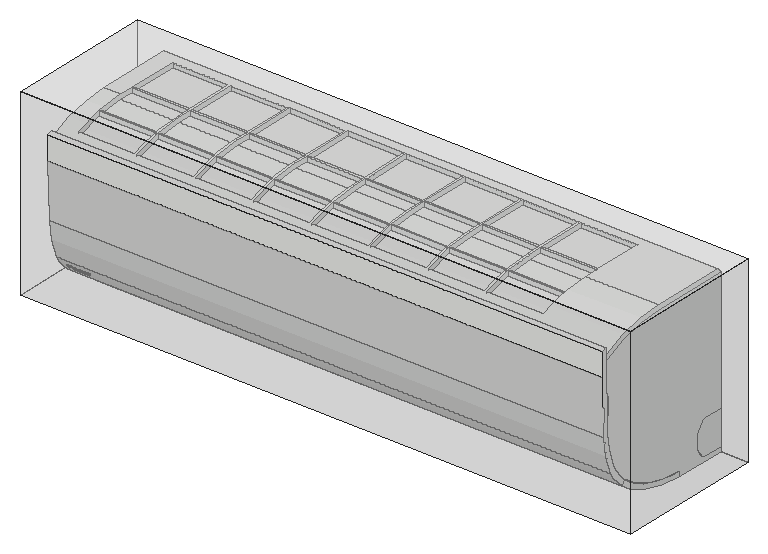
Revit family "outputfile", category 機械設備, Revit 2024
Family settings
  丸型コネクタ寸法 = 半径を使用
  パーツ タイプ = 標準
  OmniClass 番号 = 23.75.10.24.21.27.27
  OmniClass タイトル = Split System Air Conditioning Units
  作業面ベース = いいえ
  常に垂直 = はい
  ロード時にボイドで切り取り = いいえ
  注釈の向きを維持 = いいえ
  共有 = いいえ
  部屋計算ポイント = いいえ
Parameters (values of type "CTKM71RVMV")
  Description = ""
  書き出し IFC クラス(タイプ) = "IfcUnitaryEquipmentType"
  定義済み IFC タイプ(タイプ) = "AIRCONDITIONINGUNIT"
  Cost = 0
  Type Comments = ""
  Keynote = ""
  Type Image = (empty or 0)
  Assembly Code = ""
  w_wall hole = if(Width = 770.0 mm, 48.0 mm, 60.0 mm)  # 60.0 mm
  製造元 = "Daikin"
  モデル = "CTKM71RVMV"
  switch_frequency = yes
  r_Liquid Pipe Size = Liquid Pipe Size / 2  # 3.2 mm
  r_Gas Pipe Size = Gas Pipe Size / 2  # 7.95 mm
  r_Drain Pipe Size = Drain Pipe Size / 2  # 8.0 mm
  lw_powersupply [instance] = if(Width = 770.0 mm, if(or(Rear Right Connection_refrigerant, Bottom Right Connection_refrigerant), 25.0 mm, if(or(Rear Left Connection_refrigerant, Bottom Left Connection_refrigerant), 745.0 mm, 400.0 mm)), if(Width = 990.0 mm, if(or(Rear Right Connection_refrigerant, Bottom Right Connection_refrigerant), 40.0 mm, if(or(Rear Left Connection_refrigerant, Bottom Left Connection_refrigerant), 920.0 mm, 400.0 mm)), if(or(Rear Right Connection_refrigerant, Bottom Right Connection_refrigerant), 40.0 mm, if(or(Rear Left Connection_refrigerant, Bottom Left Connection_refrigerant), 920.0 mm, 400.0 mm))))  # 400.0 mm
  lw_liquidpipe [instance] = if(Width = 770.0 mm, if(or(Rear Right Connection_refrigerant, Bottom Right Connection_refrigerant), 0.0 mm, if(or(Rear Left Connection_refrigerant, Bottom Left Connection_refrigerant), 664.0 mm, 385.0 mm)), if(Width = 990.0 mm, if(or(Rear Right Connection_refrigerant, Bottom Right Connection_refrigerant), 0.0 mm, if(or(Rear Left Connection_refrigerant, Bottom Left Connection_refrigerant), 664.0 mm + (990.0 mm - 770.0 mm), 475.0 mm)), if(or(Rear Right Connection_refrigerant, Bottom Right Connection_refrigerant), 0.0 mm, if(or(Rear Left Connection_refrigerant, Bottom Left Connection_refrigerant), 664.0 mm + (990.0 mm - 770.0 mm), 475.0 mm))))  # 475.0 mm
  lw_gaspipe [instance] = if(Width = 770.0 mm, if(or(Rear Right Connection_refrigerant, Bottom Right Connection_refrigerant), 0.0 mm, if(or(Rear Left Connection_refrigerant, Bottom Left Connection_refrigerant), 675.0 mm, if(Gas Pipe Size = 12.7 mm, 345.0 mm, 335.0 mm))), if(Width = 990.0 mm, if(or(Rear Right Connection_refrigerant, Bottom Right Connection_refrigerant), 10.0 mm, if(or(Rear Left Connection_refrigerant, Bottom Left Connection_refrigerant), 890.0 mm, if(Gas Pipe Size = 15.9 mm, 410.0 mm, 400.0 mm))), if(or(Rear Right Connection_refrigerant, Bottom Right Connection_refrigerant), 10.0 mm, if(or(Rear Left Connection_refrigerant, Bottom Left Connection_refrigerant), 890.0 mm, if(Gas Pipe Size = 15.9 mm, 410.0 mm, 400.0 mm)))))  # 410.0 mm
  lw_drainpipe [instance] = if(Width = 770.0 mm, if(or(Rear Right Connection_refrigerant, Bottom Right Connection_refrigerant), 0.0 mm, if(or(Rear Left Connection_refrigerant, Bottom Left Connection_refrigerant), 770.0 mm - 48.0 mm - 48.0 mm, 440.0 mm)), if(Width = 990.0 mm, if(or(Rear Right Connection_refrigerant, Bottom Right Connection_refrigerant), 0.0 mm, if(or(Rear Left Connection_refrigerant, Bottom Left Connection_refrigerant), 675.0 mm + (990.0 mm - 770.0 mm), 435.0 mm)), if(or(Rear Right Connection_refrigerant, Bottom Right Connection_refrigerant), 0.0 mm, if(or(Rear Left Connection_refrigerant, Bottom Left Connection_refrigerant), 675.0 mm + (990.0 mm - 770.0 mm), 435.0 mm))))  # 435.0 mm
  l_powersupply_length [instance] = if(Width = 770.0 mm, if(Right Connection_refrigerant, 400.0 mm, if(Left Connection_refrigerant, 770.0 mm - 400.0 mm, if(or(Rear Left Connection_refrigerant, Rear Right Connection_refrigerant), 15.0 mm, 50.0 mm))), if(Width = 990.0 mm, if(Right Connection_refrigerant, 400.0 mm, if(Left Connection_refrigerant, 990.0 mm - 400.0 mm, if(or(Rear Left Connection_refrigerant, Rear Right Connection_refrigerant), 15.0 mm, 50.0 mm))), if(Right Connection_refrigerant, 400.0 mm, if(Left Connection_refrigerant, 990.0 mm - 400.0 mm, if(or(Rear Left Connection_refrigerant, Rear Right Connection_refrigerant), 15.0 mm, 50.0 mm)))))  # 400.0 mm
  l_liquidpipe_length [instance] = if(Width = 770.0 mm, if(Right Connection_refrigerant, 433.0 mm, if(Left Connection_refrigerant, 337.0 mm, if(or(Rear Left Connection_refrigerant, Rear Right Connection_refrigerant), 30.0 mm, 40.0 mm))), if(Width = 990.0 mm, if(Right Connection_refrigerant, 535.0 mm, if(Left Connection_refrigerant, 455.0 mm, if(or(Rear Left Connection_refrigerant, Rear Right Connection_refrigerant), 30.0 mm, 40.0 mm))), if(Right Connection_refrigerant, 535.0 mm, if(Left Connection_refrigerant, 455.0 mm, if(or(Rear Left Connection_refrigerant, Rear Right Connection_refrigerant), 30.0 mm, 40.0 mm)))))  # 535.0 mm
  l_gaspipe_length [instance] = if(Width = 770.0 mm, if(Right Connection_refrigerant, if(Gas Pipe Size = 12.7 mm, 393.0 mm, 383.0 mm), if(Left Connection_refrigerant, if(Gas Pipe Size = 12.7 mm, 770.0 mm - 393.0 mm, 770.0 mm - 383.0 mm), if(or(Rear Left Connection_refrigerant, Rear Right Connection_refrigerant), 40.0 mm, 50.0 mm))), if(Width = 990.0 mm, if(Right Connection_refrigerant, if(Gas Pipe Size = 15.9 mm, 470.0 mm, 460.0 mm), if(Left Connection_refrigerant, if(Gas Pipe Size = 15.9 mm, 990.0 mm - 470.0 mm, 990.0 mm - 460.0 mm), if(or(Rear Left Connection_refrigerant, Rear Right Connection_refrigerant), 40.0 mm, 50.0 mm))), if(Right Connection_refrigerant, if(Gas Pipe Size = 15.9 mm, 470.0 mm, 460.0 mm), if(Left Connection_refrigerant, if(Gas Pipe Size = 15.9 mm, 990.0 mm - 470.0 mm, 990.0 mm - 460.0 mm), if(or(Rear Left Connection_refrigerant, Rear Right Connection_refrigerant), 40.0 mm, 50.0 mm)))))  # 470.0 mm
  l_drainpipe_length [instance] = if(Width = 770.0 mm, if(Right Connection_refrigerant, 488.0 mm, if(Left Connection_refrigerant, 282.0 mm, if(or(Rear Left Connection_refrigerant, Rear Right Connection_refrigerant), 15.0 mm, 20.0 mm))), if(Width = 990.0 mm, if(Right Connection_refrigerant, 495.0 mm, if(Left Connection_refrigerant, 495.0 mm, if(or(Rear Left Connection_refrigerant, Rear Right Connection_refrigerant), 15.0 mm, 20.0 mm))), if(Right Connection_refrigerant, 495.0 mm, if(Left Connection_refrigerant, 495.0 mm, if(or(Rear Left Connection_refrigerant, Rear Right Connection_refrigerant), 15.0 mm, 20.0 mm)))))  # 495.0 mm
  h*** = 0.0 mm  # constant formula
  connector_voltage = Voltage_50Hz  # 230 V
  connector_powerinput = [Power Input (Cooling)]  # 0.000 kW
  connector_phase = Phase_50Hz  # 1
  angle_vertical [instance] = if(or(Bottom Left Connection_refrigerant, Bottom Right Connection_refrigerant), 0.00°, 90.00°)  # 90.00°
  angle_horizontal [instance] = if(Right Connection_refrigerant, 90.00°, if(Left Connection_refrigerant, -90.00°, if(or(Rear Left Connection_refrigerant, Rear Right Connection_refrigerant), 180.00°, 0.00°)))  # 90.00°
  Width = 990.0 mm
  Voltage_comment_50Hz = "220 - 240"
  Voltage_50Hz = 230 V
  Version = "ver.1.0"
  Unit Type = "Wall Mounted"
  Unit Mass Weight = 13.00 kg
  Unit Designation [instance] = ""
  Uniclass2015Version = "Products v1.30"
  Uniclass2015Title = "Split coil room air conditioning units"
  Uniclass2015Code = "Pr_70_65_03_86"
  URL = ""
  Total Cooling Capacity [instance] = 0.000 kW
  Sound Pressure Level_M speed (dBA) = 45
  Sound Pressure Level_L speed (dBA) = 37
  Sound Pressure Level_H speed (dBA) = 49
  Sound Power Level_H speed (dB) = 0
  Series = "Multi Split_Fan Coil Unit"
  Sensible Cooling Capacity [instance] = 0.000 kW
  Refrigerant Type = "R32"
  Power Input (Cooling) = 0.000 kW
  Phase_50Hz = 1
  Option Accessory 3 [instance] = ""
  Option Accessory 2 [instance] = ""
  Option Accessory 1 [instance] = ""
  Nominal Cooling Capacity = 7.100 kW
  Minimum Circuit Amps_50Hz = 0.0 A
  Minimum Airflow = 798.00 m³/h
  Median Airflow = 1010.00 m³/h
  Maximum Fuse Amps_50Hz = 0.0 A
  Maximum Airflow = 1200.00 m³/h
  Material_Casing = DAIKIN_White_Casing_indoorunit
  Load Classification = HVAC
  Liquid Pipe Size = 6.4 mm
  Link_Nested Family [instance] = ""
  IfcVersion = ""
  IfcExportType = "AIRCONDITIONINGUNIT"
  IfcExportAs = "IfcUnitaryEquipmentType"
  Height = 295.0 mm
  Heat Exchanger Type = "Cross Fin Coil"
  Gas Pipe Size = 15.9 mm
  Frequency_50Hz = 50 Hz
  Fan Type = "Cross Flow Fan"
  Fan Drive = "Direct Drive"
  FCU Tag No. [instance] = ""
  Drain Pipe Size = 16.0 mm
  Design Supply Airflow [instance] = 0.00 m³/h
  Depth = 263.0 mm
  既定の高さ = 0.0 mm
  Cooling Entering Wet Bulb Temperature [instance] = 0.00 °C
  Cooling Entering Dry Bulb Temperature [instance] = 0.00 °C
  Cooling Ambient Wet Bulb Temperature [instance] = 0.00 °C
  Cooling Ambient Dry Bulb Temperature [instance] = 0.00 °C
  Clearance visibility [instance] = yes
  Clearance Top = 30.0 mm
  Clearance Right = 50.0 mm
  Clearance Rear = 0.0 mm
  Clearance Left = 50.0 mm
  Clearance Front = 0.0 mm
  Clearance Bottom = 0.0 mm
  Bottom Right Connection_refrigerant [instance] = no
  Bottom Left Connection_refrigerant [instance] = no
  Rear Right Connection_refrigerant [instance] = no
  Rear Left Connection_refrigerant [instance] = no
  Right Connection_refrigerant [instance] = yes
  Left Connection_refrigerant [instance] = no
Reference planes
  plane 1 "Back": y = 0
  plane 2: z = 0
  plane 3 "Center (Left/Right)": x = 0
  plane 4 "Center (Front/Back)": y = -131.5
  plane 5 "Front": y = -263
  plane 6 "Left": x = -495
  plane 7 "Right": x = 495
  plane 8 "Top": z = 0
  plane 9 "Bottom": z = -295
  plane 10: x = -545
  plane 11: x = 545
  plane 12: y = 0
  plane 13: y = -263
  plane 14: z = 30
  plane 15: z = -295
  plane 16 "lw_Piping and Wiring intake": x = 435
  plane 17 "lw_gaspipe": x = 25
  plane 18 "lw_liquidpipe": x = -40
  plane 19 "lw_drainpipe": x = 0
  plane 20 "lh_drainpipe": z = -275
  plane 21 "lh_liquidpipe": z = -255
  plane 22 "lh_gaspipe": z = -245
  plane 23 "ld_drainpipe": y = -15
  plane 24 "ld_liquidpipe": y = -30
  plane 25 "ld_gaspipe": y = -40
  plane 26 "lw_powersupply": x = 95
Dimensions and locks
  equal spacing: plane 6 "Left", plane 3 "Center (Left/Right)", plane 7 "Right"
  "Width": plane 6 "Left" to plane 7 "Right"
  equal spacing: plane 5 "Front", plane 4 "Center (Front/Back)", plane 1 "Back"
  "Depth": plane 5 "Front" to plane 1 "Back"
  "Height": plane 8 "Top" to plane 9 "Bottom"
  "Clearance Rear": plane 12 to plane 1 "Back"
  "Clearance Front": plane 13 to plane 5 "Front"
  "Clearance Top": plane 14 to plane 8 "Top"
  "Clearance Bottom": plane 9 "Bottom" to plane 15
  "w_wall hole": plane 16 "lw_Piping and Wiring intake" to plane 7 "Right"
  "lw_gaspipe": plane 17 "lw_gaspipe" to plane 16 "lw_Piping and Wiring intake"
  "lw_liquidpipe": plane 18 "lw_liquidpipe" to plane 16 "lw_Piping and Wiring intake"
  "lw_drainpipe": plane 19 "lw_drainpipe" to plane 16 "lw_Piping and Wiring intake"
  locked: plane 20 "lh_drainpipe" to plane 9 "Bottom" at 20
  locked: plane 21 "lh_liquidpipe" to plane 9 "Bottom" at 40
  locked: plane 22 "lh_gaspipe" to plane 9 "Bottom" at 50
  locked: plane 23 "ld_drainpipe" to plane 1 "Back" at 15
  locked: plane 1 "Back" to plane 24 "ld_liquidpipe" at 30
  locked: plane 1 "Back" to plane 25 "ld_gaspipe" at 40
  "lw_powersupply": plane 26 "lw_powersupply" to plane 7 "Right"
  "Clearance Left": plane 10 to plane 6 "Left"
  "Clearance Right": plane 7 "Right" to plane 11
  aligned and locked: level to plane 2
  aligned and locked: plane 12 to nested 1
  aligned and locked: nested 1 to plane 13
  aligned and locked: plane 10 to nested 1
  aligned and locked: plane 11 to nested 1
  aligned and locked: plane 15 to nested 1
  aligned and locked: plane 14 to nested 1
  aligned and locked: plane 17 "lw_gaspipe" to nested 2
  aligned and locked: nested 2 to plane 25 "ld_gaspipe"
  aligned and locked: plane 18 "lw_liquidpipe" to nested 3
  aligned and locked: nested 3 to plane 24 "ld_liquidpipe"
  aligned and locked: plane 19 "lw_drainpipe" to nested 4
  aligned and locked: nested 4 to plane 23 "ld_drainpipe"
  aligned and locked: nested 5 to plane 23 "ld_drainpipe"
  aligned and locked: plane 26 "lw_powersupply" to nested 5
  aligned and locked: level to plane 8 "Top"
  aligned and locked: plane 3 "Center (Left/Right)" to nested 6
  aligned and locked: plane 1 "Back" to nested 6
  aligned and locked: plane 8 "Top" to nested 6
Nested families
  nested 1: "daikin_clearancespace" at (0, -131.5, -132.381), show <- "Clearance visibility", visible <- "Clearance visibility", Link_Nested Family <- "Link_Nested Family", type "daikin_clearancespace"
    with width 1090.0 mm, show yes, height 325.0 mm, depth 263.0 mm, Link_Nested Family ""
  nested 2: "daikin_connector_rotate3" at (25, -40, -245), angle_vertical <- "angle_vertical", angle_horizontal <- "angle_horizontal", length <- "l_gaspipe_length", radius <- "r_Gas Pipe Size", type "daikin_connector_rotate3"
    with show no, radius 7.95 mm, length 470.0 mm, angle_vertical 90.00°, angle_horizontal 90.00°
  nested 3: "daikin_connector_rotate3" at (-40, -30, -255), angle_vertical <- "angle_vertical", angle_horizontal <- "angle_horizontal", radius <- "r_Liquid Pipe Size", length <- "l_liquidpipe_length", type "daikin_connector_rotate3"
    with show no, radius 3.2 mm, length 535.0 mm, angle_vertical 90.00°, angle_horizontal 90.00°
  nested 4: "daikin_connector_rotate3" at (0, -15, -275), angle_vertical <- "angle_vertical", angle_horizontal <- "angle_horizontal", length <- "l_drainpipe_length", radius <- "r_Drain Pipe Size", type "daikin_connector_rotate3"
    with show no, radius 8.0 mm, length 495.0 mm, angle_vertical 90.00°, angle_horizontal 90.00°
  nested 5: "daikin_connector_rotate3" at (95, -15, -245), angle_vertical <- "angle_vertical", angle_horizontal <- "angle_horizontal", length <- "l_powersupply_length", type "daikin_connector_rotate3"
    with show no, radius 10.0 mm, length 400.0 mm, angle_vertical 90.00°, angle_horizontal 90.00°
  nested 6: "DAIKIN_indoorunit_CTKM-RVMV" at (-31, 0, 0), type "CTKM-RVMV"
    with switch_unit1_50-71 yes, switch_unit1_25-35 no, Width 990.0 mm, WALL HOLE-R 60.0 mm, WALL HOLE Size 80.0 mm, Height 295.0 mm
Connectors
  piping at (495, -40, -245), diameter 15.9, driven by "r_Gas Pipe Size"
    settings: on nested 2, index 1, connector inside diameter 609.6 mm, connector length 0.0 mm, flow factor 0, pipe flow 0.00 m³/h, pressure drop 0.0 Pa, fitting loss kfactor 0, connector angle 0.00°, fixture units 0, engagement length 0.0 mm, angle of deflection 0.00°, flow configuration 1, flow direction 2, fitting loss method 0, system type 29, joint type 0, gender type 0, connector reference index -1, connector utility 0, adjustable connector no, is connector primary yes, connector description "Refrigerant Gas Piping"
  piping at (495, -30, -255), diameter 6.4, driven by "r_Liquid Pipe Size"
    settings: on nested 3, index 2, connector inside diameter 609.6 mm, connector length 0.0 mm, flow factor 0, pipe flow 0.00 m³/h, pressure drop 0.0 Pa, fitting loss kfactor 0, connector angle 0.00°, fixture units 0, engagement length 0.0 mm, angle of deflection 0.00°, flow configuration 1, flow direction 1, fitting loss method 0, system type 29, joint type 0, gender type 0, connector reference index -1, connector utility 0, adjustable connector no, is connector primary no, connector description "Refrigerant Liquid Piping"
  piping at (495, -15, -275), diameter 16, driven by "r_Drain Pipe Size"
    settings: on nested 4, index 3, connector inside diameter 609.6 mm, connector length 0.0 mm, flow factor 0, pipe flow 0.00 m³/h, pressure drop 0.0 Pa, fitting loss kfactor 0, connector angle 0.00°, fixture units 0, engagement length 0.0 mm, angle of deflection 0.00°, flow configuration 1, flow direction 2, fitting loss method 4, system type 16, joint type 0, gender type 0, connector reference index -1, connector utility 0, adjustable connector no, is connector primary no, connector description "Condensate Drain Piping"
  electrical at (495, -15, -245), driven by "Load Classification", driven by "connector_phase", driven by "connector_powerinput", driven by "connector_voltage"
    settings: on nested 5, index 4, voltage 230 V, apparent load 0 VA, apparent load phase1 0 VA, apparent load phase2 0 VA, apparent load phase3 0 VA, power factor 1, load classification "HVAC", number of poles 1, system type 30, power factor state 1, is connector primary yes, connector utility no, sub classification motor no, connector description "Power Supply"
Definition of nested family "daikin_clearancespace"
  Parameters (values of type "daikin_clearancespace")
    Description = "daikin_clearancespace"
    width [instance] = 1823.963 mm
    show [instance] = yes
    material = none
    height [instance] = 1359.762 mm
    depth [instance] = 880.0 mm
    Default Elevation = 0.0 mm
    Link_Nested Family [instance] = ""
  Reference planes
    plane 1 "Center (Front/Back)": y = 0
    plane 2 "Center (Elevation)": z = -0.119
    plane 3 "Center (Left/Right)": x = 0
    plane 4: y = 440
    plane 5: y = -440
    plane 6 "Right": x = 911.982
    plane 7 "Left": x = -911.982
    plane 8 "Top": z = 679.762
    plane 9 "Bottom": z = -680
  Forms (mm)
    Extrusion 1, solid, material <- "material", visible <- "show"
      sketch origin (0, 0, 0) x (1, 0, 0) y (0, 1, 0)
        loop
          line (-911.982, 440) -> (-911.982, -440) -> (911.982, -440) -> (911.982, 440) -> (-911.982, 440)
      from -680 to 679.762
  Lines and regions (mm)
    symbolic lines, visible <- "show"
      curve 1: line (911.982, 440, 0) -> (-911.982, 440, 0)
      curve 2: line (-911.982, 440, 0) -> (-911.982, -440, 0)
      curve 3: line (-911.982, -440, 0) -> (911.982, -440, 0)
      curve 4: line (911.982, -440, 0) -> (911.982, 440, 0)
      curve 5: line (911.982, 0, 679.762) -> (-911.982, 0, 679.762)
      curve 6: line (911.982, 0, -680) -> (911.982, 0, 679.762)
      curve 7: line (-911.982, 0, -680) -> (911.982, 0, -680)
      curve 8: line (-911.982, 0, 679.762) -> (-911.982, 0, -680)
      curve 9: line (0, 440, 679.762) -> (0, -440, 679.762)
      curve 10: line (0, -440, 679.762) -> (0, -440, -680)
      curve 11: line (0, 440, -680) -> (0, 440, 679.762)
      curve 12: line (0, -440, -680) -> (0, 440, -680)
  Dimensions and locks
    "width": plane 7 "Left" to plane 6 "Right"
    "depth": plane 4 to plane 5
    "height": plane 8 "Top" to plane 9 "Bottom"
    equal spacing: plane 7 "Left", plane 3 "Center (Left/Right)", plane 6 "Right"
    equal spacing: plane 4, plane 1 "Center (Front/Back)", plane 5
    equal spacing: plane 8 "Top", plane 2 "Center (Elevation)", plane 9 "Bottom"
    aligned and locked: level to plane 2 "Center (Elevation)"
    aligned and locked: Extrusion 1 sketch curve to plane 4
    aligned and locked: plane 7 "Left" to Extrusion 1 sketch curve
    aligned and locked: Extrusion 1 sketch curve to plane 5
    aligned and locked: Extrusion 1 sketch curve to plane 6 "Right"
    aligned and locked: plane 8 "Top" to Extrusion 1
    aligned and locked: curve 1 to Extrusion 1
    aligned and locked: curve 2 to Extrusion 1
    aligned and locked: curve 3 to Extrusion 1
    aligned and locked: curve 4 to Extrusion 1
    aligned and locked: curve 5 to Extrusion 1
    aligned and locked: curve 6 to Extrusion 1
    aligned and locked: curve 7 to Extrusion 1
    aligned and locked: curve 8 to Extrusion 1
    aligned and locked: curve 9 to Extrusion 1
    aligned and locked: curve 10 to Extrusion 1
    aligned and locked: curve 11 to Extrusion 1
    aligned and locked: curve 12 to Extrusion 1
    aligned and locked: Extrusion 1 to plane 9 "Bottom"
Definition of nested family "DAIKIN_indoorunit_CTKM-RVMV"
  Parameters (values of type "CTKM-RVMV")
    switch_unit1_50-71 = Width = 990.0 mm  # no
    switch_unit1_25-35 = Width = 770.0 mm  # yes
    Width = 770.0 mm
    WALL HOLE-R = if(Width = 770.0 mm, 48.0 mm, 60.0 mm)  # 48.0 mm
    WALL HOLE Size = if(Width = 770.0 mm, 65.0 mm, 80.0 mm)  # 65.0 mm
    Material_Casing = none
    Height = if(Width = 770.0 mm, 285.0 mm, 295.0 mm)  # 285.0 mm
    Default Elevation = 0.0 mm
  Reference planes
    plane 1 "Center (Front/Back)": y = 0
    plane 2 "reference_level": z = 0
    plane 3 "Center (Left/Right)": x = 31
    plane 4: x = -354
    plane 5: x = 416
    plane 6: z = -285
  Forms (mm)
    Extrusion 1, solid, material <- "Material_Casing", visible <- "switch_unit1_25-35"
      sketch origin (29, 0, 0) x (0, 1, 0) y (0, 0, 1)
        loop
          line (-5, 0) -> (-98, 0)
          arc (-98, 0) -> (-157.611, -7.211) -> (-213.783, -28.427) r 250
          arc (-213.783, -28.427) -> (-213.842, -32.972) -> (-213.892, -37.516) r 2191
          arc (-213.892, -37.516) -> (-157.832, -15.495) -> (-98.07, -8) r 242
          line (-98.07, -8) -> (0, -8) -> (-5, 0)
      from -383 to 387
    Extrusion 2, solid, material <- "Material_Casing", visible <- "switch_unit1_25-35"
      sketch origin (416, 1296.25, 1200) x (0, 1, 0) y (0, 0, 1)
        loop
          line (-1472.998, -1446.91) -> (-1476.998, -1453.839)
          arc (-1476.998, -1453.839) -> (-1437.481, -1472.422) -> (-1395.25, -1483.538) r 240
          line (-1395.25, -1483.538) -> (-1395.25, -1475.422)
          arc (-1395.25, -1475.422) -> (-1435.407, -1464.663) -> (-1472.998, -1446.91) r 232
      from 0 to -47.5
    Extrusion 3, solid, material <- "Material_Casing", visible <- "switch_unit1_25-35"
      sketch origin (29, 0, 0) x (0, 1, 0) y (0, 0, 1)
        loop
          arc (-223, -60.455) -> (-222.414, -110.646) -> (-220.656, -160.81) r 2149.92
          arc (-220.656, -160.81) -> (-219.65, -174.299) -> (-217.853, -187.706) r 229.911
          arc (-217.853, -187.706) -> (-205.371, -223.594) -> (-181.517, -253.17) r 111
          line (-181.517, -253.17) -> (-177.429, -246.093)
          arc (-177.429, -246.093) -> (-198.77, -218.989) -> (-209.965, -186.36) r 103
          arc (-209.965, -186.36) -> (-211.681, -173.586) -> (-212.651, -160.735) r 221.844
          arc (-212.651, -160.735) -> (-214.739, -93.233) -> (-214.74, -25.699) r 2186.828
          arc (-214.74, -25.699) -> (-214.671, -21.467) -> (-214.594, -17.235) r 2192
          line (-214.594, -17.235) -> (-223, -19.961) -> (-223, -60.455)
      from -383 to 387
    Extrusion 4, solid, material <- "Material_Casing", visible <- "switch_unit1_25-35"
      sketch origin (29, 0, -20) x (0, 1, 0) y (0, 0, 1)
        loop
          line (0, -265) -> (0, 12) -> (-98.07, 12)
          arc (-98.07, 12) -> (-157.832, 4.505) -> (-213.892, -17.516) r 242
          arc (-213.892, -17.516) -> (-213.638, -79.114) -> (-211.653, -140.681) r 2191
          arc (-211.653, -140.681) -> (-210.685, -153.501) -> (-208.973, -166.243) r 221
          arc (-208.973, -166.243) -> (-197.471, -199.282) -> (-175.482, -226.491) r 102
          arc (-175.482, -226.491) -> (-138.004, -244.019) -> (-98, -254.579) r 231
          line (-98, -254.579) -> (-98, -265) -> (0, -265)
      from -383 to 387
    Extrusion 5, solid, material <- "Material_Casing", visible <- "switch_unit1_25-35"
      sketch origin (-354, 1296.25, 1200) x (0, 1, 0) y (0, 0, 1)
        loop
          line (-1472.998, -1446.91) -> (-1476.998, -1453.839)
          arc (-1476.998, -1453.839) -> (-1437.481, -1472.422) -> (-1395.25, -1483.538) r 240
          line (-1395.25, -1483.538) -> (-1395.25, -1475.422)
          arc (-1395.25, -1475.422) -> (-1435.407, -1464.663) -> (-1472.998, -1446.91) r 232
      from 47 to 0
    Extrusion 6, solid, material <- "Material_Casing", visible <- "switch_unit1_25-35"
      sketch origin (416, 1296.25, 1200) x (0, 1, 0) y (0, 0, 1)
        loop
          line (-1472.998, -1446.91) -> (-1476.998, -1453.839)
          arc (-1476.998, -1453.839) -> (-1443.437, -1470.168) -> (-1407.75, -1481.097) r 240
          line (-1407.75, -1481.097) -> (-1407.75, -1472.894)
          arc (-1407.75, -1472.894) -> (-1441.363, -1462.385) -> (-1472.998, -1446.91) r 232
      from -116.993 to -48.493
    Extrusion 7, solid, material <- "Material_Casing", visible <- "switch_unit1_25-35"
      sketch origin (416, 1296.25, 1200) x (0, 1, 0) y (0, 0, 1)
        loop
          line (-1472.998, -1446.91) -> (-1476.998, -1453.839)
          arc (-1476.998, -1453.839) -> (-1443.437, -1470.168) -> (-1407.75, -1481.097) r 240
          line (-1407.75, -1481.097) -> (-1407.75, -1472.894)
          arc (-1407.75, -1472.894) -> (-1441.363, -1462.385) -> (-1472.998, -1446.91) r 232
      from -717 to -121.993
    Extrusion 8, void
      sketch origin (31, 0, -235) x (1, 0, 0) y (0, 1, 0)
        loop
          line (-252.674, -22.316) -> (-354.941, -22.316) -> (-354.941, -91.341) -> (-252.674, -91.341) -> (-252.674, -22.316)
        loop
          line (-249.341, -91.341) -> (-151.574, -91.341) -> (-151.574, -22.316) -> (-249.341, -22.316) -> (-249.341, -91.341)
        loop
          line (58.309, -22.316) -> (-148.309, -22.316) -> (-148.309, -91.341) -> (58.309, -91.341) -> (58.309, -22.316)
        loop
          line (61.689, -22.316) -> (61.689, -91.341) -> (159.457, -91.341) -> (159.457, -22.316) -> (61.689, -22.316)
        loop
          line (162.789, -22.316) -> (162.789, -91.341) -> (265.057, -91.341) -> (265.057, -22.316) -> (162.789, -22.316)
        loop
          line (-354.941, -94.659) -> (-354.941, -165.259) -> (-252.674, -165.259) -> (-252.674, -94.659) -> (-354.941, -94.659)
        loop
          line (-249.341, -94.659) -> (-249.341, -165.259) -> (-151.574, -165.259) -> (-151.574, -94.659) -> (-249.341, -94.659)
        loop
          line (-148.309, -94.659) -> (-148.309, -165.259) -> (58.309, -165.259) -> (58.309, -94.659) -> (-148.309, -94.659)
        loop
          line (61.689, -94.659) -> (61.689, -165.259) -> (159.457, -165.259) -> (159.457, -94.659) -> (61.689, -94.659)
        loop
          line (162.789, -94.659) -> (162.789, -165.259) -> (265.057, -165.259) -> (265.057, -94.659) -> (162.789, -94.659)
        loop
          line (-354.941, -167.382) -> (-354.941, -192.681) -> (-252.674, -192.681) -> (-252.674, -167.382) -> (-354.941, -167.382)
        loop
          line (-249.341, -167.382) -> (-249.341, -192.681) -> (-151.574, -192.681) -> (-151.574, -167.382) -> (-249.341, -167.382)
        loop
          line (-148.309, -167.382) -> (-148.309, -192.681) -> (58.309, -192.681) -> (58.309, -167.382) -> (-148.309, -167.382)
        loop
          line (159.457, -167.382) -> (61.689, -167.382) -> (61.689, -192.681) -> (159.457, -192.681) -> (159.457, -167.382)
        loop
          line (265.057, -167.382) -> (162.789, -167.382) -> (162.789, -192.681) -> (265.057, -192.681) -> (265.057, -167.382)
      from 201.638 to 250
    Extrusion 9, solid, material <- "Material_Casing"
      sketch origin (31, 0, 0) x (1, 0, 0) y (0, 0, 1)
        loop
          circle (337, -240.5) r 32.5
        loop
          circle (-337, -240.5) r 32.5
      from 0 to 5
    Extrusion 10, solid, material <- "Material_Casing", visible <- "switch_unit1_25-35"
      sketch origin (416, 1296.25, 1200) x (0, -1, 0) y (0, 0, 1)
        loop
          line (1326.25, -1417) -> (1296.25, -1417) -> (1296.25, -1477) -> (1326.25, -1477)
          arc (1326.25, -1477) -> (1340.393, -1471.142) -> (1346.25, -1457) r 20
          line (1346.25, -1457) -> (1346.25, -1437)
          arc (1346.25, -1437) -> (1340.393, -1422.858) -> (1326.25, -1417) r 20
      from 0 to 5
    Extrusion 11, solid, material <- "Material_Casing", visible <- "switch_unit1_25-35"
      sketch origin (-354, 1296.25, 1200) x (0, 1, 0) y (0, 0, 1)
        loop
          line (-1296.25, -1417) -> (-1326.25, -1417)
          arc (-1326.25, -1417) -> (-1340.393, -1422.858) -> (-1346.25, -1437) r 20
          line (-1346.25, -1437) -> (-1346.25, -1457)
          arc (-1346.25, -1457) -> (-1340.393, -1471.142) -> (-1326.25, -1477) r 20
          line (-1326.25, -1477) -> (-1296.25, -1477) -> (-1296.25, -1417)
      from 0 to 5
    Extrusion 12, solid, material <- "Material_Casing", visible <- "switch_unit1_25-35"
      sketch origin (31, 0, -285) x (-1, 0, 0) y (0, -1, 0)
        loop
          line (-314, 0) -> (-314, 30)
          arc (-314, 30) -> (-319.858, 44.142) -> (-334, 50) r 20
          line (-334, 50) -> (-354, 50)
          arc (-354, 50) -> (-368.142, 44.142) -> (-374, 30) r 20
          line (-374, 30) -> (-374, 0) -> (-314, 0)
        loop
          line (374, 0) -> (374, 30)
          arc (374, 30) -> (368.142, 44.142) -> (354, 50) r 20
          line (354, 50) -> (334, 50)
          arc (334, 50) -> (319.858, 44.142) -> (314, 30) r 20
          line (314, 30) -> (314, 0) -> (374, 0)
      from 0 to 5
    Extrusion 13, solid, material <- "Material_Casing", visible <- "switch_unit1_50-71"
      sketch origin (31, 0, 0) x (0, 1, 0) y (0, 0, 1)
        loop
          line (-5, 0) -> (-138, 0)
          arc (-138, 0) -> (-197.611, -7.211) -> (-253.783, -28.427) r 250
          arc (-253.783, -28.427) -> (-253.838, -32.687) -> (-253.886, -36.946) r 2191
          arc (-253.886, -36.946) -> (-197.73, -15.346) -> (-138.014, -8) r 246.393
          line (-138.014, -8) -> (0, -8) -> (-5, 0)
      from -495 to 495
    Extrusion 14, solid, material <- "Material_Casing", visible <- "switch_unit1_50-71"
      sketch origin (418, 1296.25, 1200) x (0, 1, 0) y (0, 0, 1)
        loop
          arc (-1515.208, -1454.149) -> (-1506.856, -1460.599) -> (-1497.925, -1466.219) r 110
          arc (-1497.925, -1466.219) -> (-1445.718, -1487.493) -> (-1389.844, -1494.995) r 223
          line (-1389.844, -1494.995) -> (-1389.844, -1486.086) -> (-1404.386, -1486.086)
          arc (-1404.386, -1486.086) -> (-1449.542, -1477.46) -> (-1491.818, -1459.402) r 214.289
          arc (-1491.818, -1459.402) -> (-1501.056, -1453.541) -> (-1509.606, -1446.715) r 101
          line (-1509.606, -1446.715) -> (-1515.208, -1454.149)
      from 108 to 57.5
    Extrusion 15, solid, material <- "Material_Casing", visible <- "switch_unit1_50-71"
      sketch origin (31, 0, 0) x (0, 1, 0) y (0, 0, 1)
        loop
          line (-263, -19.962) -> (-263, -61.6)
          arc (-263, -61.6) -> (-262.414, -110.219) -> (-260.656, -158.81) r 2017.341
          arc (-260.656, -158.81) -> (-255.648, -191.935) -> (-244.041, -223.362) r 164.725
          arc (-244.041, -223.362) -> (-233.569, -239.793) -> (-219.717, -253.495) r 87.379
          line (-219.717, -253.495) -> (-214.706, -246.846)
          arc (-214.706, -246.846) -> (-229.564, -230.029) -> (-240.385, -210.371) r 102
          arc (-240.385, -210.371) -> (-249.049, -182.962) -> (-252.848, -154.467) r 165.789
          arc (-252.848, -154.467) -> (-254.771, -90.102) -> (-254.74, -25.708) r 2122.533
          arc (-254.74, -25.708) -> (-254.671, -21.469) -> (-254.594, -17.23) r 2192
          line (-254.594, -17.23) -> (-263, -19.962)
      from -495 to 495
    Extrusion 16, void
      sketch origin (33, 0, 0) x (1, 0, 0) y (0, 1, 0)
        loop
          line (-466.909, -22.316) -> (-466.909, -111.341) -> (-366.303, -111.341) -> (-366.303, -22.316) -> (-466.909, -22.316)
        loop
          line (-362.71, -22.316) -> (-362.71, -111.341) -> (-262.103, -111.341) -> (-262.103, -22.316) -> (-362.71, -22.316)
        loop
          line (-258.51, -22.316) -> (-258.51, -111.341) -> (-157.904, -111.341) -> (-157.904, -22.316) -> (-258.51, -22.316)
        loop
          line (-154.31, -22.316) -> (-154.31, -111.341) -> (-53.704, -111.341) -> (-53.704, -22.316) -> (-154.31, -22.316)
        loop
          line (-50.11, -22.316) -> (-50.11, -111.341) -> (50.496, -111.341) -> (50.496, -22.316) -> (-50.11, -22.316)
        loop
          line (54.089, -22.316) -> (54.089, -111.341) -> (154.696, -111.341) -> (154.696, -22.316) -> (54.089, -22.316)
        loop
          line (158.289, -22.316) -> (158.289, -111.341) -> (258.895, -111.341) -> (258.895, -22.316) -> (158.289, -22.316)
        loop
          line (262.489, -22.316) -> (262.489, -111.341) -> (363.095, -111.341) -> (363.095, -22.316) -> (262.489, -22.316)
        loop
          line (-466.909, -114.459) -> (-466.909, -185.059) -> (-366.303, -185.059) -> (-366.303, -114.459) -> (-466.909, -114.459)
        loop
          line (-362.71, -114.459) -> (-362.71, -185.059) -> (-262.103, -185.059) -> (-262.103, -114.459) -> (-362.71, -114.459)
        loop
          line (-258.51, -114.459) -> (-258.51, -185.059) -> (-157.904, -185.059) -> (-157.904, -114.459) -> (-258.51, -114.459)
        loop
          line (-154.31, -114.459) -> (-154.31, -185.059) -> (-53.704, -185.059) -> (-53.704, -114.459) -> (-154.31, -114.459)
        loop
          line (-50.11, -114.459) -> (-50.11, -185.059) -> (50.496, -185.059) -> (50.496, -114.459) -> (-50.11, -114.459)
        loop
          line (54.089, -114.459) -> (54.089, -185.059) -> (154.696, -185.059) -> (154.696, -114.459) -> (54.089, -114.459)
        loop
          line (158.289, -114.459) -> (158.289, -185.059) -> (258.895, -185.059) -> (258.895, -114.459) -> (158.289, -114.459)
        loop
          line (262.489, -114.459) -> (262.489, -185.059) -> (363.095, -185.059) -> (363.095, -114.459) -> (262.489, -114.459)
        loop
          line (-466.909, -187.382) -> (-466.909, -232.681) -> (-366.303, -232.681) -> (-366.303, -187.382) -> (-466.909, -187.382)
        loop
          line (-362.71, -187.382) -> (-362.71, -232.681) -> (-262.103, -232.681) -> (-262.103, -187.382) -> (-362.71, -187.382)
        loop
          line (-258.51, -187.382) -> (-258.51, -232.681) -> (-157.904, -232.681) -> (-157.904, -187.382) -> (-258.51, -187.382)
        loop
          line (-154.31, -187.382) -> (-154.31, -232.681) -> (-53.704, -232.681) -> (-53.704, -187.382) -> (-154.31, -187.382)
        loop
          line (-50.11, -187.382) -> (-50.11, -232.681) -> (50.496, -232.681) -> (50.496, -187.382) -> (-50.11, -187.382)
        loop
          line (54.089, -187.382) -> (54.089, -232.681) -> (154.696, -232.681) -> (154.696, -187.382) -> (54.089, -187.382)
        loop
          line (158.289, -187.382) -> (158.289, -232.681) -> (258.895, -232.681) -> (258.895, -187.382) -> (158.289, -187.382)
        loop
          line (262.489, -187.382) -> (262.489, -232.681) -> (363.095, -232.681) -> (363.095, -187.382) -> (262.489, -187.382)
      from -40.013 to 47.268
    Extrusion 17, solid, material <- "Material_Casing", visible <- "switch_unit1_50-71"
      sketch origin (-356, 1296.25, 1200) x (0, 1, 0) y (0, 0, -1)
        loop
          line (-1515.208, 1454.149) -> (-1509.606, 1446.715)
          arc (-1509.606, 1446.715) -> (-1501.056, 1453.541) -> (-1491.818, 1459.402) r 101
          arc (-1491.818, 1459.402) -> (-1449.542, 1477.46) -> (-1404.386, 1486.086) r 214.289
          line (-1404.386, 1486.086) -> (-1389.844, 1486.086) -> (-1389.844, 1494.995)
          arc (-1389.844, 1494.995) -> (-1445.718, 1487.493) -> (-1497.925, 1466.219) r 223
          arc (-1497.925, 1466.219) -> (-1506.856, 1460.599) -> (-1515.208, 1454.149) r 110
      from 108 to 61
    Extrusion 18, solid, material <- "Material_Casing", visible <- "switch_unit1_50-71"
      sketch origin (418, 1296.25, 1200) x (0, 1, 0) y (0, 0, 1)
        loop
          arc (-1515.208, -1454.149) -> (-1506.856, -1460.599) -> (-1497.925, -1466.219) r 110
          arc (-1497.925, -1466.219) -> (-1463.185, -1482.066) -> (-1426.25, -1491.755) r 223
          line (-1426.25, -1491.755) -> (-1426.25, -1483.166)
          arc (-1426.25, -1483.166) -> (-1460.008, -1473.969) -> (-1491.818, -1459.402) r 214.289
          arc (-1491.818, -1459.402) -> (-1501.056, -1453.541) -> (-1509.606, -1446.715) r 101
          line (-1509.606, -1446.715) -> (-1515.208, -1454.149)
      from 56.5 to -36.993
    Extrusion 19, solid, material <- "Material_Casing", visible <- "switch_unit1_50-71"
      sketch origin (418, 1296.25, 1200) x (0, 1, 0) y (0, 0, 1)
        loop
          arc (-1426.25, -1483.166) -> (-1443.442, -1479.224) -> (-1460.25, -1473.881) r 214.289
          line (-1460.25, -1473.881) -> (-1460.25, -1483.089)
          arc (-1460.25, -1483.089) -> (-1443.421, -1488.091) -> (-1426.25, -1491.755) r 223
          line (-1426.25, -1491.755) -> (-1426.25, -1483.166)
      from -43.493 to -828.893
    Extrusion 20, solid, material <- "Material_Casing", visible <- "switch_unit1_50-71"
      sketch origin (418, 1296.25, 1200) x (0, 1, 0) y (0, 0, 1)
        loop
          arc (-1515.208, -1454.149) -> (-1506.856, -1460.599) -> (-1497.925, -1466.219) r 110
          arc (-1497.925, -1466.219) -> (-1479.479, -1475.527) -> (-1460.25, -1483.089) r 223
          line (-1460.25, -1483.089) -> (-1460.25, -1473.881)
          arc (-1460.25, -1473.881) -> (-1476.328, -1467.282) -> (-1491.818, -1459.402) r 214.289
          arc (-1491.818, -1459.402) -> (-1501.056, -1453.541) -> (-1509.606, -1446.715) r 101
          line (-1509.606, -1446.715) -> (-1515.208, -1454.149)
      from -43.493 to -828.893
    Extrusion 21, solid, material <- "Material_Casing", visible <- "switch_unit1_50-71"
      sketch origin (31, 0, -30) x (0, 1, 0) y (0, 0, 1)
        loop
          line (0, 22) -> (-138.014, 22)
          arc (-138.014, 22) -> (-197.73, 14.654) -> (-253.886, -6.946) r 246.393
          arc (-253.886, -6.946) -> (-253.682, -65.635) -> (-251.855, -124.295) r 2120.935
          arc (-251.855, -124.295) -> (-248.086, -152.682) -> (-239.461, -179.988) r 164.789
          arc (-239.461, -179.988) -> (-228.903, -199.231) -> (-214.437, -215.738) r 101
          line (-214.437, -215.738) -> (-212.406, -216.221)
          arc (-212.406, -216.221) -> (-204.07, -222.837) -> (-195.079, -228.53) r 100
          arc (-195.079, -228.53) -> (-145.557, -248.629) -> (-92.593, -255.785) r 213.289
          line (-92.593, -255.785) -> (-92.593, -265) -> (0, -265) -> (0, 22)
      from -495 to 495
    Extrusion 22, solid, material <- "Material_Casing", visible <- "switch_unit1_50-71"
      sketch origin (526, 1296.25, 1200) x (0, -1, 0) y (0, 0, 1)
        loop
          line (1326.25, -1427.035) -> (1296.25, -1427.035) -> (1296.25, -1487.035) -> (1326.25, -1487.035)
          arc (1326.25, -1487.035) -> (1340.393, -1481.177) -> (1346.25, -1467.035) r 20
          line (1346.25, -1467.035) -> (1346.25, -1447.035)
          arc (1346.25, -1447.035) -> (1340.393, -1432.892) -> (1326.25, -1427.035) r 20
      from 0 to 5
    Extrusion 23, solid, material <- "Material_Casing", visible <- "switch_unit1_50-71"
      sketch origin (-459, 1296.25, 1200) x (0, -1, 0) y (0, 0, 1)
        loop
          line (1326.25, -1427.035) -> (1296.25, -1427.035) -> (1296.25, -1487.035) -> (1326.25, -1487.035)
          arc (1326.25, -1487.035) -> (1340.393, -1481.177) -> (1346.25, -1467.035) r 20
          line (1346.25, -1467.035) -> (1346.25, -1447.035)
          arc (1346.25, -1447.035) -> (1340.393, -1432.892) -> (1326.25, -1427.035) r 20
      from 0 to 5
    Extrusion 24, solid, material <- "Material_Casing", visible <- "switch_unit1_50-71"
      sketch origin (31, 200, -295) x (-1, 0, 0) y (0, -1, 0)
        loop
          line (469, 200) -> (469, 230)
          arc (469, 230) -> (463.142, 244.142) -> (449, 250) r 20
          line (449, 250) -> (429, 250)
          arc (429, 250) -> (414.858, 244.142) -> (409, 230) r 20
          line (409, 230) -> (409, 200) -> (469, 200)
        loop
          line (-469, 200) -> (-409, 200) -> (-409, 230)
          arc (-409, 230) -> (-414.858, 244.142) -> (-429, 250) r 20
          line (-429, 250) -> (-449, 250)
          arc (-449, 250) -> (-463.142, 244.142) -> (-469, 230) r 20
          line (-469, 230) -> (-469, 200)
      from 0 to 5
  Cuts and joins
    Extrusion 8 cuts Extrusion 1
    Extrusion 16 cuts Extrusion 13
  Lines and regions (mm)
    reference lines
      curve 1: line (-523, -201.911, -229.404) -> (-523, -193.542, -239.977)
      curve 2: line (-523, -240.779, -229.404) -> (-523, -232.411, -239.977)
  Dimensions and locks
    locked: Extrusion 10 sketch curve to Extrusion 10 sketch curve at 60
    locked: Extrusion 10 sketch curve to Extrusion 10 sketch curve at 50
    locked: Extrusion 12 sketch curve to Extrusion 12 sketch curve at 60  (x2)
    locked: Extrusion 12 sketch curve to Extrusion 12 sketch curve at 50
    equal spacing: plane 5, plane 3 "Center (Left/Right)", plane 4
    "Width": plane 5 to plane 4
    locked: Extrusion 9 sketch curve to plane 4 at 48
    "WALL HOLE-R": plane 5 to Extrusion 9 sketch curve
    "Height": plane 2 "reference_level" to plane 6
    locked: Extrusion 9 sketch curve to plane 6 at 44.5  (x2)
    locked: Extrusion 15 to nested 2 at 15
    locked: Extrusion 22 sketch curve to Extrusion 22 sketch curve at 60
    locked: Extrusion 22 sketch curve to Extrusion 22 sketch curve at 50
    locked: Extrusion 23 sketch curve to Extrusion 23 sketch curve at 60
    locked: Extrusion 23 sketch curve to Extrusion 23 sketch curve at 50
    locked: Extrusion 24 sketch curve to Extrusion 24 sketch curve at 60  (x2)
    locked: Extrusion 24 sketch curve to Extrusion 24 sketch curve at 50  (x2)
    "WALL HOLE Size": diameter of Extrusion 9 sketch curve  (x2)
    aligned and locked: level to plane 2 "reference_level"
    aligned and locked: nested 1 to curve 1
    aligned and locked: Extrusion 11 sketch curve to Extrusion 10  (x4)
    aligned and locked: Extrusion 12 sketch curve to Extrusion 12 sketch curve  (x2)
    aligned and locked: Extrusion 9 to plane 1 "Center (Front/Back)"
    aligned and locked: nested 2 to curve 2
  Automatic sketch dimensions
    curve 1 to level = 239.977 mm
    plane 1 "Center (Front/Back)" to curve 1 = 193.542 mm
    curve 2 to curve 1 = 0.0 mm
    curve 2 to curve 2 = 10.573 mm
    curve 1 to curve 1 = 10.573 mm
    curve 1 to curve 1 = 8.368 mm
    curve 1 to curve 2 = 30.5 mm
    curve 2 to curve 2 = 8.368 mm
    Extrusion 1 sketch curve to level = 0.0 mm
    Extrusion 1 sketch curve to plane 1 "Center (Front/Back)" = 0.0 mm
    plane 1 "Center (Front/Back)" to Extrusion 1 sketch curve = 5.0 mm
    plane 1 "Center (Front/Back)" to Extrusion 1 sketch curve = 98.0 mm
    Extrusion 1 sketch curve to Extrusion 1 sketch curve = 0.07 mm
    Extrusion 1 sketch curve to level = 59.292 mm
    Extrusion 1 sketch curve to plane 1 "Center (Front/Back)" = 1977.0 mm
    Extrusion 1 sketch curve to level = 250.0 mm
    Extrusion 1 sketch curve to Extrusion 1 sketch curve = 0.0 mm
    Extrusion 1 sketch curve to level = 8.0 mm
    Extrusion 1 sketch curve to level = 28.427 mm
    plane 1 "Center (Front/Back)" to Extrusion 2 sketch curve = 180.748 mm
    Extrusion 2 sketch curve to Extrusion 2 sketch curve = 4.0 mm
    Extrusion 2 sketch curve to Extrusion 2 sketch curve = 77.747 mm
    plane 1 "Center (Front/Back)" to Extrusion 2 sketch curve = 59.279 mm
    Extrusion 2 sketch curve to Extrusion 2 sketch curve = 0.0 mm
    Extrusion 2 sketch curve to level = 283.538 mm
    Extrusion 2 sketch curve to Extrusion 2 sketch curve = 8.116 mm
    Extrusion 2 sketch curve to Extrusion 2 sketch curve = 21.583 mm
    Extrusion 2 sketch curve to Extrusion 2 sketch curve = 6.929 mm
    Extrusion 3 sketch curve to level = 19.961 mm
    plane 1 "Center (Front/Back)" to Extrusion 3 sketch curve = 223.0 mm
    Extrusion 3 sketch curve to level = 17.235 mm
    Extrusion 3 sketch curve to Extrusion 3 sketch curve = 8.406 mm
    plane 1 "Center (Front/Back)" to Extrusion 3 sketch curve = 181.517 mm
    Extrusion 3 sketch curve to Extrusion 3 sketch curve = 4.087 mm
    Extrusion 3 sketch curve to Extrusion 3 sketch curve = 69.11 mm
    Extrusion 3 sketch curve to Extrusion 3 sketch curve = 0.001 mm
    Extrusion 3 sketch curve to plane 1 "Center (Front/Back)" = 8.955 mm
    Extrusion 3 sketch curve to Extrusion 3 sketch curve = 0.067 mm
    Extrusion 3 sketch curve to level = 60.455 mm
    Extrusion 3 sketch curve to Extrusion 3 sketch curve = 1917.898 mm
    Extrusion 3 sketch curve to Extrusion 3 sketch curve = 44.907 mm
    Extrusion 3 sketch curve to Extrusion 3 sketch curve = 5.172 mm
    Extrusion 3 sketch curve to level = 150.456 mm
    Extrusion 3 sketch curve to Extrusion 3 sketch curve = 0.006 mm
    Extrusion 3 sketch curve to Extrusion 3 sketch curve = 19.265 mm
    Extrusion 3 sketch curve to Extrusion 3 sketch curve = 0.004 mm
    Extrusion 3 sketch curve to Extrusion 3 sketch curve = 76.368 mm
    Extrusion 3 sketch curve to Extrusion 3 sketch curve = 7.077 mm
    Extrusion 3 sketch curve to Extrusion 3 sketch curve = 1.002 mm
    Extrusion 3 sketch curve to Extrusion 3 sketch curve = 0.046 mm
    Extrusion 3 sketch curve to Extrusion 3 sketch curve = 8.005 mm
    Extrusion 3 sketch curve to Extrusion 3 sketch curve = 0.147 mm
    Extrusion 3 sketch curve to Extrusion 3 sketch curve = 0.0 mm
    Extrusion 4 sketch curve to plane 1 "Center (Front/Back)" = 0.0 mm
    plane 1 "Center (Front/Back)" to Extrusion 4 sketch curve = 59.278 mm
    Extrusion 4 sketch curve to Extrusion 4 sketch curve = 98.0 mm
    Extrusion 4 sketch curve to Extrusion 4 sketch curve = 0.0 mm  (x3)
    Extrusion 4 sketch curve to level = 8.0 mm
    Extrusion 4 sketch curve to Extrusion 4 sketch curve = 38.791 mm
    Extrusion 4 sketch curve to Extrusion 4 sketch curve = 10.249 mm
    Extrusion 4 sketch curve to plane 1 "Center (Front/Back)" = 9.11 mm
    Extrusion 4 sketch curve to level = 59.292 mm
    Extrusion 4 sketch curve to Extrusion 4 sketch curve = 1967.89 mm
    Extrusion 4 sketch curve to Extrusion 4 sketch curve = 142.454 mm
    Extrusion 4 sketch curve to Extrusion 4 sketch curve = 19.271 mm
    Extrusion 4 sketch curve to Extrusion 4 sketch curve = 80.275 mm
    Extrusion 4 sketch curve to Extrusion 4 sketch curve = 24.579 mm
    Extrusion 4 sketch curve to Extrusion 4 sketch curve = 10.421 mm
    Extrusion 4 sketch curve to level = 46.847 mm
    Extrusion 4 sketch curve to Extrusion 4 sketch curve = 77.412 mm
    Extrusion 4 sketch curve to Extrusion 4 sketch curve = 33.49 mm
    Extrusion 4 sketch curve to Extrusion 4 sketch curve = 2.68 mm
    plane 1 "Center (Front/Back)" to Extrusion 5 sketch curve = 180.748 mm
    Extrusion 5 sketch curve to Extrusion 5 sketch curve = 4.0 mm
    Extrusion 5 sketch curve to Extrusion 5 sketch curve = 77.747 mm
    plane 1 "Center (Front/Back)" to Extrusion 5 sketch curve = 59.279 mm
    Extrusion 5 sketch curve to Extrusion 5 sketch curve = 0.0 mm
    Extrusion 5 sketch curve to level = 283.538 mm
    Extrusion 5 sketch curve to Extrusion 5 sketch curve = 8.116 mm
    Extrusion 5 sketch curve to Extrusion 5 sketch curve = 21.583 mm
    Extrusion 5 sketch curve to Extrusion 5 sketch curve = 6.929 mm
    plane 1 "Center (Front/Back)" to Extrusion 6 sketch curve = 180.748 mm
    Extrusion 6 sketch curve to Extrusion 6 sketch curve = 4.0 mm
    Extrusion 6 sketch curve to Extrusion 6 sketch curve = 65.247 mm
    plane 1 "Center (Front/Back)" to Extrusion 6 sketch curve = 59.279 mm
    Extrusion 6 sketch curve to Extrusion 6 sketch curve = 0.0 mm
    Extrusion 6 sketch curve to level = 281.097 mm
    Extrusion 6 sketch curve to Extrusion 6 sketch curve = 8.203 mm
    Extrusion 6 sketch curve to Extrusion 6 sketch curve = 19.055 mm
    Extrusion 6 sketch curve to Extrusion 6 sketch curve = 6.929 mm
    plane 1 "Center (Front/Back)" to Extrusion 7 sketch curve = 180.748 mm
    Extrusion 7 sketch curve to Extrusion 7 sketch curve = 4.0 mm
    Extrusion 7 sketch curve to Extrusion 7 sketch curve = 65.247 mm
    plane 1 "Center (Front/Back)" to Extrusion 7 sketch curve = 59.279 mm
    Extrusion 7 sketch curve to Extrusion 7 sketch curve = 0.0 mm
    Extrusion 7 sketch curve to level = 281.097 mm
    Extrusion 7 sketch curve to Extrusion 7 sketch curve = 8.203 mm
    Extrusion 7 sketch curve to Extrusion 7 sketch curve = 19.055 mm
    Extrusion 7 sketch curve to Extrusion 7 sketch curve = 6.929 mm
    plane 1 "Center (Front/Back)" to Extrusion 8 sketch curve = 165.259 mm  (x2)
    Extrusion 8 sketch curve to plane 3 "Center (Left/Right)" = 354.941 mm
    plane 1 "Center (Front/Back)" to Extrusion 8 sketch curve = 22.316 mm  (x3)
    Extrusion 8 sketch curve to Extrusion 8 sketch curve = 0.0 mm  (x26)
    Extrusion 8 sketch curve to Extrusion 8 sketch curve = 102.268 mm  (x2)
    Extrusion 8 sketch curve to Extrusion 8 sketch curve = 3.332 mm  (x4)
    Extrusion 8 sketch curve to Extrusion 8 sketch curve = 97.768 mm  (x2)
    Extrusion 8 sketch curve to Extrusion 8 sketch curve = 3.264 mm  (x3)
    plane 3 "Center (Left/Right)" to Extrusion 8 sketch curve = 58.309 mm
    Extrusion 8 sketch curve to Extrusion 8 sketch curve = 3.38 mm  (x3)
    Extrusion 8 sketch curve to Extrusion 8 sketch curve = 2.124 mm  (x6)
    Extrusion 8 sketch curve to Extrusion 8 sketch curve = 25.299 mm  (x2)
    Extrusion 8 sketch curve to Extrusion 8 sketch curve = 70.6 mm
    Extrusion 8 sketch curve to Extrusion 8 sketch curve = 3.317 mm  (x4)
    Extrusion 10 sketch curve to plane 1 "Center (Front/Back)" = 0.0 mm
    Extrusion 10 sketch curve to Extrusion 10 sketch curve = 20.0 mm  (x2)
    Extrusion 10 sketch curve to level = 277.0 mm
    plane 1 "Center (Front/Back)" to Extrusion 12 sketch curve = 0.0 mm
    plane 3 "Center (Left/Right)" to Extrusion 12 sketch curve = 374.0 mm
    Extrusion 12 sketch curve to Extrusion 12 sketch curve = 20.0 mm  (x3)
    plane 1 "Center (Front/Back)" to Extrusion 12 sketch curve = 30.0 mm
    Extrusion 12 sketch curve to plane 3 "Center (Left/Right)" = 314.0 mm
    Extrusion 13 sketch curve to level = 0.0 mm
    Extrusion 13 sketch curve to plane 1 "Center (Front/Back)" = 0.0 mm
    plane 1 "Center (Front/Back)" to Extrusion 13 sketch curve = 5.0 mm
    Extrusion 13 sketch curve to Extrusion 13 sketch curve = 133.0 mm
    Extrusion 13 sketch curve to Extrusion 13 sketch curve = 0.013 mm
    Extrusion 13 sketch curve to level = 59.292 mm
    Extrusion 13 sketch curve to plane 1 "Center (Front/Back)" = 1937.0 mm
    Extrusion 13 sketch curve to Extrusion 13 sketch curve = 250.0 mm
    Extrusion 13 sketch curve to Extrusion 13 sketch curve = 4.393 mm
    Extrusion 13 sketch curve to level = 8.0 mm
    Extrusion 13 sketch curve to level = 28.427 mm
    plane 1 "Center (Front/Back)" to Extrusion 14 sketch curve = 218.957 mm
    Extrusion 14 sketch curve to Extrusion 14 sketch curve = 5.601 mm
    Extrusion 14 sketch curve to Extrusion 14 sketch curve = 65.735 mm
    Extrusion 14 sketch curve to Extrusion 14 sketch curve = 1.462 mm
    plane 1 "Center (Front/Back)" to Extrusion 14 sketch curve = 108.136 mm
    Extrusion 14 sketch curve to Extrusion 14 sketch curve = 14.543 mm
    plane 1 "Center (Front/Back)" to Extrusion 14 sketch curve = 92.093 mm
    Extrusion 14 sketch curve to Extrusion 14 sketch curve = 1.354 mm
    Extrusion 14 sketch curve to level = 294.995 mm
    Extrusion 14 sketch curve to Extrusion 14 sketch curve = 8.909 mm
    Extrusion 14 sketch curve to Extrusion 14 sketch curve = 31.937 mm
    Extrusion 14 sketch curve to Extrusion 14 sketch curve = 7.433 mm
    Extrusion 14 sketch curve to Extrusion 14 sketch curve = 75.403 mm
    Extrusion 14 sketch curve to Extrusion 14 sketch curve = 0.896 mm
    Extrusion 14 sketch curve to level = 72.504 mm
    Extrusion 14 sketch curve to Extrusion 14 sketch curve = 0.504 mm
    Extrusion 15 sketch curve to level = 19.962 mm
    plane 1 "Center (Front/Back)" to Extrusion 15 sketch curve = 263.0 mm
    Extrusion 15 sketch curve to level = 17.23 mm
    Extrusion 15 sketch curve to Extrusion 15 sketch curve = 8.406 mm
    Extrusion 15 sketch curve to Extrusion 15 sketch curve = 43.283 mm
    Extrusion 15 sketch curve to Extrusion 15 sketch curve = 5.011 mm
    Extrusion 15 sketch curve to Extrusion 15 sketch curve = 49.129 mm
    Extrusion 15 sketch curve to Extrusion 15 sketch curve = 19.417 mm
    Extrusion 15 sketch curve to Extrusion 15 sketch curve = 50.037 mm
    Extrusion 15 sketch curve to Extrusion 15 sketch curve = 8.89 mm
    Extrusion 15 sketch curve to level = 61.6 mm
    Extrusion 15 sketch curve to plane 1 "Center (Front/Back)" = 1754.341 mm
    Extrusion 15 sketch curve to level = 58.909 mm
    Extrusion 15 sketch curve to Extrusion 15 sketch curve = 113.192 mm
    Extrusion 15 sketch curve to Extrusion 15 sketch curve = 69.467 mm
    Extrusion 15 sketch curve to level = 146.886 mm
    Extrusion 15 sketch curve to Extrusion 15 sketch curve = 3.987 mm
    Extrusion 15 sketch curve to Extrusion 15 sketch curve = 20.44 mm
    Extrusion 15 sketch curve to Extrusion 15 sketch curve = 13.597 mm
    Extrusion 15 sketch curve to Extrusion 15 sketch curve = 61.936 mm
    Extrusion 15 sketch curve to Extrusion 15 sketch curve = 6.649 mm
    Extrusion 15 sketch curve to level = 59.438 mm
    Extrusion 15 sketch curve to Extrusion 15 sketch curve = 0.0 mm
    Extrusion 15 sketch curve to Extrusion 15 sketch curve = 0.147 mm
    Extrusion 15 sketch curve to Extrusion 15 sketch curve = 7.808 mm
    plane 1 "Center (Front/Back)" to Extrusion 16 sketch curve = 22.316 mm  (x6)
    Extrusion 16 sketch curve to plane 3 "Center (Left/Right)" = 464.909 mm
    Extrusion 16 sketch curve to Extrusion 16 sketch curve = 0.0 mm  (x27)
    Extrusion 16 sketch curve to Extrusion 16 sketch curve = 100.606 mm  (x7)
    Extrusion 16 sketch curve to Extrusion 16 sketch curve = 3.594 mm  (x16)
    Extrusion 16 sketch curve to plane 3 "Center (Left/Right)" = 51.704 mm
    plane 3 "Center (Left/Right)" to Extrusion 16 sketch curve = 52.496 mm  (x2)
    Extrusion 16 sketch curve to Extrusion 16 sketch curve = 89.026 mm  (x6)
    Extrusion 16 sketch curve to Extrusion 16 sketch curve = 3.117 mm  (x8)
    Extrusion 16 sketch curve to Extrusion 16 sketch curve = 70.6 mm  (x7)
    Extrusion 16 sketch curve to Extrusion 16 sketch curve = 2.324 mm  (x8)
    Extrusion 16 sketch curve to Extrusion 16 sketch curve = 45.299 mm  (x7)
    plane 1 "Center (Front/Back)" to Extrusion 17 sketch curve = 218.957 mm
    Extrusion 17 sketch curve to Extrusion 17 sketch curve = 5.601 mm
    Extrusion 17 sketch curve to Extrusion 17 sketch curve = 65.735 mm
    Extrusion 17 sketch curve to Extrusion 17 sketch curve = 1.462 mm
    plane 1 "Center (Front/Back)" to Extrusion 17 sketch curve = 108.136 mm
    Extrusion 17 sketch curve to Extrusion 17 sketch curve = 14.543 mm
    plane 1 "Center (Front/Back)" to Extrusion 17 sketch curve = 92.093 mm
    Extrusion 17 sketch curve to Extrusion 17 sketch curve = 1.354 mm
    Extrusion 17 sketch curve to level = 72.0 mm
    Extrusion 17 sketch curve to Extrusion 17 sketch curve = 0.504 mm
    Extrusion 17 sketch curve to Extrusion 17 sketch curve = 98.416 mm
    Extrusion 17 sketch curve to Extrusion 17 sketch curve = 0.896 mm
    Extrusion 17 sketch curve to Extrusion 17 sketch curve = 76.3 mm
    Extrusion 17 sketch curve to Extrusion 17 sketch curve = 7.433 mm
    Extrusion 17 sketch curve to Extrusion 17 sketch curve = 26.684 mm
    Extrusion 17 sketch curve to Extrusion 17 sketch curve = 8.909 mm
    plane 1 "Center (Front/Back)" to Extrusion 18 sketch curve = 218.957 mm
    Extrusion 18 sketch curve to Extrusion 18 sketch curve = 5.601 mm
    Extrusion 18 sketch curve to Extrusion 18 sketch curve = 65.735 mm
    Extrusion 18 sketch curve to Extrusion 18 sketch curve = 1.462 mm
    Extrusion 18 sketch curve to Extrusion 18 sketch curve = 83.356 mm
    plane 1 "Center (Front/Back)" to Extrusion 18 sketch curve = 92.093 mm
    Extrusion 18 sketch curve to Extrusion 18 sketch curve = 1.354 mm
    Extrusion 18 sketch curve to level = 291.755 mm
    Extrusion 18 sketch curve to Extrusion 18 sketch curve = 8.588 mm
    Extrusion 18 sketch curve to Extrusion 18 sketch curve = 29.018 mm
    Extrusion 18 sketch curve to Extrusion 18 sketch curve = 7.433 mm
    Extrusion 18 sketch curve to Extrusion 18 sketch curve = 75.403 mm
    Extrusion 18 sketch curve to Extrusion 18 sketch curve = 0.896 mm
    Extrusion 18 sketch curve to level = 72.504 mm
    Extrusion 18 sketch curve to Extrusion 18 sketch curve = 0.504 mm
    plane 1 "Center (Front/Back)" to Extrusion 19 sketch curve = 164.0 mm
    Extrusion 19 sketch curve to Extrusion 19 sketch curve = 34.0 mm
    plane 1 "Center (Front/Back)" to Extrusion 19 sketch curve = 92.093 mm
    Extrusion 19 sketch curve to Extrusion 19 sketch curve = 1.354 mm
    Extrusion 19 sketch curve to level = 291.755 mm
    Extrusion 19 sketch curve to Extrusion 19 sketch curve = 8.588 mm
    Extrusion 19 sketch curve to Extrusion 19 sketch curve = 0.077 mm
    Extrusion 19 sketch curve to Extrusion 19 sketch curve = 9.207 mm
    plane 1 "Center (Front/Back)" to Extrusion 20 sketch curve = 218.957 mm
    Extrusion 20 sketch curve to Extrusion 20 sketch curve = 5.601 mm
    Extrusion 20 sketch curve to Extrusion 20 sketch curve = 49.356 mm
    Extrusion 20 sketch curve to Extrusion 20 sketch curve = 65.735 mm
    Extrusion 20 sketch curve to Extrusion 20 sketch curve = 1.462 mm
    plane 1 "Center (Front/Back)" to Extrusion 20 sketch curve = 92.093 mm
    Extrusion 20 sketch curve to Extrusion 20 sketch curve = 1.354 mm
    Extrusion 20 sketch curve to level = 283.089 mm
    Extrusion 20 sketch curve to Extrusion 20 sketch curve = 9.207 mm
    Extrusion 20 sketch curve to Extrusion 20 sketch curve = 19.733 mm
    Extrusion 20 sketch curve to Extrusion 20 sketch curve = 7.433 mm
    Extrusion 20 sketch curve to Extrusion 20 sketch curve = 75.403 mm
    Extrusion 20 sketch curve to Extrusion 20 sketch curve = 0.896 mm
    Extrusion 20 sketch curve to level = 72.504 mm
    Extrusion 20 sketch curve to Extrusion 20 sketch curve = 0.504 mm
    Extrusion 21 sketch curve to Extrusion 21 sketch curve = 0.0 mm  (x4)
    Extrusion 21 sketch curve to plane 1 "Center (Front/Back)" = 0.0 mm
    plane 1 "Center (Front/Back)" to Extrusion 21 sketch curve = 87.233 mm
    Extrusion 21 sketch curve to Extrusion 21 sketch curve = 3.506 mm
    Extrusion 21 sketch curve to Extrusion 21 sketch curve = 92.593 mm
    Extrusion 21 sketch curve to Extrusion 21 sketch curve = 45.42 mm
    Extrusion 21 sketch curve to Extrusion 21 sketch curve = 58.927 mm
    Extrusion 21 sketch curve to Extrusion 21 sketch curve = 74.393 mm
    Extrusion 21 sketch curve to Extrusion 21 sketch curve = 2.031 mm
    Extrusion 21 sketch curve to level = 58.927 mm
    Extrusion 21 sketch curve to plane 1 "Center (Front/Back)" = 1866.935 mm
    Extrusion 21 sketch curve to level = 72.504 mm
    Extrusion 21 sketch curve to Extrusion 21 sketch curve = 74.381 mm
    Extrusion 21 sketch curve to Extrusion 21 sketch curve = 24.427 mm
    Extrusion 21 sketch curve to Extrusion 21 sketch curve = 74.426 mm
    Extrusion 21 sketch curve to Extrusion 21 sketch curve = 0.483 mm
    Extrusion 21 sketch curve to Extrusion 21 sketch curve = 4.137 mm
    Extrusion 21 sketch curve to Extrusion 21 sketch curve = 31.393 mm
    Extrusion 21 sketch curve to Extrusion 21 sketch curve = 9.215 mm
    Extrusion 21 sketch curve to level = 8.0 mm
    Extrusion 22 sketch curve to plane 1 "Center (Front/Back)" = 0.0 mm
